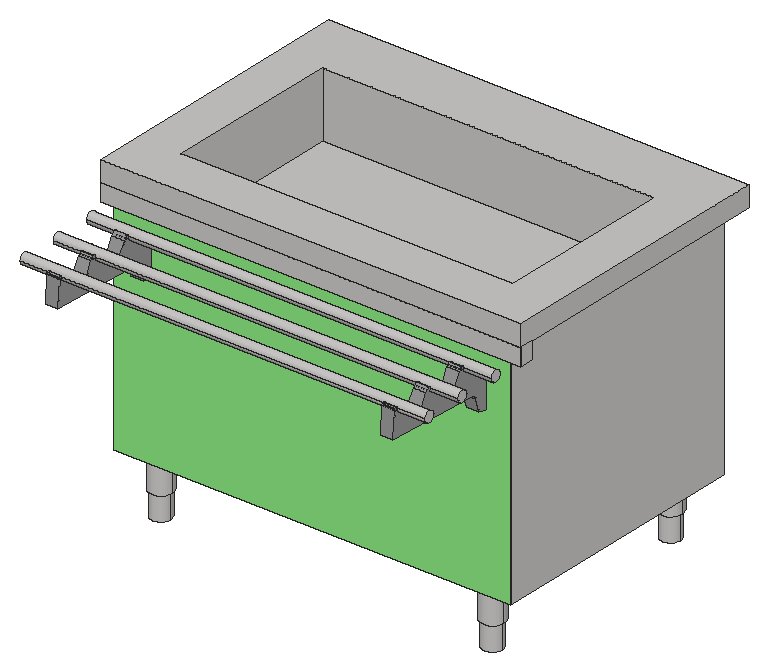
Revit family "QF_BOURGEAT_Self_Bain_marie_eau_3GN", category Equipement spécialisé, Revit 2015
Parameters (values of type "3GN_baie_libre")
  URL catalogue = "http://www.bourgeat.fr/fr/"
  URL = ""
  Type de Raccord Plomberie = ""
  Type de Raccord Electrique = ""
  Type article = ""
  Tension = 230 V
  Spécification du Fabricant = "Bain-marie Oasis"
  Roues = no
  Remarques Electricité = ""
  Puissance électrique  = 2100 W
  Profondeur hors tout = 820 mm
  Poids net à vide = 150.00 kg
  Pieds = yes
  lgmeuble = Longueur hors tout - 68 mm  # 1141 mm
  lgconsole = Longueur hors tout - 44 mm  # 1165 mm
  lg_presentoir = lgmeuble - 44 mm  # 1097 mm
  lg_porte = (lg_etagere / 2) + 10 mm  # 378.5 mm
  lg_etagere = lgmeuble - 404 mm  # 737 mm
  Reserves = no
  Presentoir = no
  Phase = 2
  Nature isolant = "Laine de verre"
  Modèle = "851033"
  Longueur hors tout = 1209 mm
  Intensité nominale = 9.13043 A
  Indice de protection = "21"
  Hauteur hors tout = 900 mm
  Hauteur de Raccordement Evacuation Directe du Sol Finis = 0 mm
  Hauteur de Raccordement Eau Adoucie du Sol Finis = 0 mm
  Fréquence = 50 Hz
  Fabricant = "BOURGEAT"
  Etageres = no
  Diamètre de Raccordement Evacuation = 33.2 mm
  Diamètre de Raccordement Eau Adoucie = 21 mm
  Cuve à eau = yes
  Cuve à air = no
  Contact SAV = "0033 (0)4.76.32.14.44"
  Charge max = 200.00 kg
  Certification = "NF alimentaire"
Types (18, lengths in mm): name | Roues | Puissance électrique  | Poids net à vide | Pieds | Reserves | Presentoir | Modèle | Intensité nominale | Hauteur hors tout | Etageres
  3GN_baie_libre | no | 2100 W | 150.00 kg | yes | no | no | "851033" | 9.13043 A | 900 | no
  3GN_reserve | no | 3000 W | 150.00 kg | yes | yes | no | "851233" | 13.0435 A | 900 | no
  3GN_baie_libre+roues | yes | 2100 W | 150.00 kg | no | no | no | "851033+854950" | 9.13043 A | 900 | no
  3GN_baie_libre+etageres | no | 2100 W | 150.00 kg | yes | no | no | "851033+854933" | 9.13043 A | 900 | no
  3GN_baie_libre+presentoir_neutre | no | 2100 W | 150.00 kg | yes | no | yes | "851033+851313" | 9.13043 A | 1330 | no
  3GN_baie_libre+presentoir_chauffant | no | 2580 W | 165.00 kg | yes | no | yes | "851033+851303" | 11.2174 A | 1330 | no
  3GN_baie_libre+roues+etageres | yes | 2100 W | 150.00 kg | no | no | no | "851033+854950+854933" | 9.13043 A | 900 | yes
  3GN_baie_libre+roues+presentoir_neutre | yes | 2100 W | 165.00 kg | no | no | yes | "851033+854950+851313" | 9.13043 A | 1330 | no
  3GN_baie_libre+roues+presentoir_chauffant | yes | 2580 W | 165.00 kg | no | no | yes | "851033+854950+851303" | 11.2174 A | 1330 | no
  3GN_baie_libre+etageres+presentoir_neutre | no | 2100 W | 165.00 kg | yes | no | yes | "851033+854933+851313" | 9.13043 A | 1330 | no
  3GN_baie_libre+etageres+presentoir_chauffant | no | 2580 W | 165.00 kg | yes | no | yes | "851033+854933+851303" | 11.2174 A | 1330 | no
  3GN_baie_libre+roues+presentoir_neutre+etageres | yes | 2100 W | 165.00 kg | no | no | yes | "851033+854950+851313+854933" | 9.13043 A | 1330 | yes
  3GN_baie_libre+roues+presentoir_chauffant+etageres | yes | 2580 W | 165.00 kg | no | no | yes | "851033+854950+851313+854933" | 11.2174 A | 1330 | yes
  3GN_reserve+roues | yes | 3000 W | 150.00 kg | no | yes | no | "851233+854950" | 13.0435 A | 900 | no
  3GN_reserve+presentoir_neutre | yes | 3000 W | 165.00 kg | no | yes | yes | "851233+851313" | 13.0435 A | 1330 | no
  3GN_reserve+presentoir_chauffant | yes | 3480 W | 165.00 kg | no | yes | yes | "851233+851303" | 15.1304 A | 1330 | no
  3GN_reserve+roues+presentoir_neutre | yes | 3000 W | 165.00 kg | no | yes | yes | "851233+854950+851313" | 13.0435 A | 1330 | no
  3GN_reserve+roues+presentoir_chauffant | yes | 3480 W | 165.00 kg | no | yes | yes | "851233+854950+851303" | 15.1304 A | 1330 | no
Reference planes
  plane 1 "Centre (avant/arrière)": y = 0
  plane 2: z = 0
  plane 3 "Centre (gauche/droite)": x = 0
  plane 4: z = 235
  plane 5: z = 465
  plane 6: y = 820
  plane 7: z = 284
  plane 8: z = 640
  plane 9: y = 598
  plane 10: z = 765
  plane 11: x = -124
  plane 12: y = 187
Forms (mm)
  Extrusion 1, solid
    sketch origin (0, 0, 0) x (1, 0, 0) y (0, 1, 0)
      loop
        circle (-1082, 598) r 10
    from 147.743 to 160
  Extrusion 2, solid
    sketch origin (0, 0, 0) x (1, 0, 0) y (0, 1, 0)
      loop
        circle (-1082, 187) r 10
    from 147.743 to 160
  Extrusion 3, solid
    sketch origin (0, 0, 0) x (1, 0, 0) y (0, 1, 0)
      loop
        circle (-1082, 398) r 10
    from 142 to 160
Dimensions and locks
  locked: nested 2 to plane 2 at 905
  locked: plane 4 to plane 2 at 235
  locked: plane 6 to nested 1 at 47
  locked: plane 7 to plane 2 at 284
  nested 1 to plane 2 = 160 mm
  locked: plane 8 to plane 2 at 640
  locked: nested 1 to plane 9 at 175
  locked: nested 11 to plane 10 at 135
  locked: nested 1 to plane 11 at 90
  locked: nested 1 to plane 12 at 179
  locked: plane 11 to plane 3 "Centre (gauche/droite)" at 124
  nested 1 to Extrusion 3 sketch curve = 375 mm
  aligned and locked: level to plane 2
  aligned and locked: plane 4 to nested 8
  aligned and locked: nested 9 to plane 5
  aligned and locked: nested 7 to nested 8
  aligned and locked: nested 9 to nested 1  (x2)
  aligned and locked: nested 7 to nested 1
  aligned and locked: nested 8 to nested 1  (x2)
  aligned and locked: nested 11 to plane 6
  aligned and locked: nested 10 to plane 6
  aligned and locked: nested 10 to nested 1  (x2)
  aligned and locked: nested 11 to nested 10
  aligned and locked: plane 1 "Centre (avant/arrière)" to nested 11  (x2)
  aligned and locked: nested 1 to nested 2
  aligned and locked: nested 2 to nested 11
  aligned and locked: nested 11 to nested 1
  aligned and locked: nested 4 to nested 11
  aligned and locked: nested 12 to nested 1
  aligned and locked: nested 12 to nested 9
  aligned and locked: nested 12 to nested 13
  aligned and locked: plane 2 to nested 4
  aligned and locked: nested 5 to plane 2
  aligned and locked: nested 6 to plane 2
  aligned and locked: nested 11 to nested 5
  aligned and locked: nested 11 to nested 6
  aligned and locked: nested 11 to nested 2
  aligned and locked: nested 1 to nested 14  (x2)
  aligned and locked: nested 14 to nested 1
  aligned and locked: nested 11 to nested 15
  aligned and locked: nested 3 to nested 11
  aligned and locked: nested 16 to nested 14  (x2)
  aligned and locked: nested 1 to nested 16
  aligned and locked: nested 15 to plane 7
  aligned and locked: nested 3 to nested 17  (x2)
  aligned and locked: nested 4 to nested 18  (x2)
  aligned and locked: nested 6 to nested 19  (x2)
  aligned and locked: nested 5 to nested 20  (x2)
  aligned and locked: plane 8 to nested 7
  aligned and locked: Extrusion 1 sketch curve to plane 9
  aligned and locked: Extrusion 1 to nested 1
  aligned and locked: nested 1 to nested 21
  aligned and locked: nested 1 to nested 22
  aligned and locked: plane 10 to nested 21
  aligned and locked: nested 13 to nested 1
  aligned and locked: nested 22 to plane 10
  aligned and locked: nested 22 to plane 11
  aligned and locked: plane 12 to Extrusion 2 sketch curve
  aligned and locked: plane 3 "Centre (gauche/droite)" to nested 11
  aligned and locked: nested 21 to nested 7
  aligned and locked: nested 11 to Extrusion 1 sketch curve
  aligned and locked: nested 11 to Extrusion 3 sketch curve
  aligned and locked: Extrusion 3 to nested 17
  aligned and locked: nested 11 to Extrusion 2 sketch curve
Nested families
  nested 1: "corps_meuble" at (-34, 8, 160), type "corps_meuble"
  nested 2: "presentoir" at (-604.5, 410, 551.997) x (0, 1, 0) z (0, 0, 1), visible <- "Presentoir", type "presentoir"
  nested 3: "pied" at (-1082, 720, 0), visible <- "Pieds", type "pied"
  nested 4: "pied" at (-1082, 58.814, 0), visible <- "Pieds", type "pied"
  nested 5: "pied" at (-127, 700, 0), visible <- "Pieds", type "pied"
  nested 6: "pied" at (-127, 58.814, 0), visible <- "Pieds", type "pied"
  nested 7: "barre_et_console" at (-604.5, 8, 465) x (-1, 0, 0) z (0, 0, 1), type "barre_et_console"
  nested 8: "etagere" at (-604.5, 88, 197) x (-1, 0, 0) z (0, 0, 1), visible <- "Etageres", type "etagere"
    with lg_etagere 737 mm
  nested 9: "etagere" at (-604.5, 88, 427) x (-1, 0, 0) z (0, 0, 1), visible <- "Etageres", type "etagere"
    with lg_etagere 737 mm
  nested 10: "cuve" at (-604.5, 410, 708), visible <- "Cuve à air", type "cuve_air"
  nested 11: "cuve" at (-604.5, 410, 708), visible <- "Cuve à eau", type "cuve_eau"
  nested 12: "porte" at (-594.5, 735, 160), visible <- "Reserves", type "porte"
  nested 13: "porte" at (-236, 757, 160), visible <- "Reserves", type "porte"
  nested 14: "bandeau" at (-604.5, 773, 657), type "bandeau"
  nested 15: "IHM" at (-2662.78, 529.137, -323.91) x (-1, 0, 0) z (0, 0, 1), type "IHM"
  nested 16: "rail_porte" at (-604.5, 763, 567), visible <- "Reserves", type "rail_porte"
  nested 17: "roue_ht160" at (-1082, 720, 0), visible <- "Roues", type "roue_ht160"
    with Sans frein yes, Avec frein yes
  nested 18: "roue_ht160" at (-1082, 58.814, 0), visible <- "Roues", type "roue_ht160"
    with Sans frein yes, Avec frein no
  nested 19: "roue_ht160" at (-127, 58.814, 0), visible <- "Roues", type "roue_ht160"
    with Sans frein yes, Avec frein no
  nested 20: "roue_ht160" at (-127, 700, 0), visible <- "Roues", type "roue_ht160"
    with Sans frein yes, Avec frein yes
  nested 21: "Prise" at (-1026, 798, 722), type "Prise"
  nested 22: "Prise" at (-167, 798, 722), type "Prise"
Connectors
  electrical at (-1082, 598, 147.743)
    settings: on Extrusion 1, index 1, voltage 0 V, apparent load 0 VA, apparent load phase1 0 VA, apparent load phase2 0 VA, apparent load phase3 0 VA, power factor 1, load classification "Autre", number of poles 1, system type 30, power factor state 1, is connector primary yes, connector utility no, sub classification motor no, connector description ""
  piping at (-1082, 187, 147.743), diameter 21
    settings: on Extrusion 2, index 2, connector inside diameter 609.6 mm, connector length 0 mm, flow factor 0, pipe flow 0.0 L/s, pressure drop 0.0 Pa, fitting loss kfactor 0, connector angle 0.00°, fixture units 0, engagement length 0 mm, angle of deflection 0.00°, flow configuration 0, flow direction 1, fitting loss method 0, system type 20, joint type 0, gender type 0, connector reference index -1, connector utility 0, adjustable connector no, is connector primary yes, connector description ""
  piping at (-1082, 398, 142), diameter 33.2
    settings: on Extrusion 3, index 3, connector inside diameter 609.6 mm, connector length 0 mm, flow factor 0, pipe flow 0.0 L/s, pressure drop 0.0 Pa, fitting loss kfactor 0, connector angle 0.00°, fixture units 0, engagement length 0 mm, angle of deflection 0.00°, flow configuration 0, flow direction 0, fitting loss method 0, system type 7, joint type 0, gender type 0, connector reference index -1, connector utility 0, adjustable connector no, is connector primary no, connector description ""
Definition of nested family "corps_meuble"
  Parameters (values of type "corps_meuble")
    lg_meuble = 1141 mm
  Reference planes
    plane 1 "Centre (avant/arrière)": y = 0
    plane 2: z = 0
    plane 3 "Centre (gauche/droite)": x = 0
    plane 4: x = -480.227
    plane 5: z = 680
    plane 6: x = -570.5
    plane 7: x = -379.227
    plane 8: x = -1141
    plane 9: x = -1091
    plane 10: x = -202
    plane 11: x = -50
    plane 12: x = -939
    plane 13: y = -1
  Forms (mm)
    Extrusion 1, solid
      sketch origin (-379.227, -50.814, 0) x (1, 0, 0) y (0, 1, 0)
        loop
          line (-761.773, 815.814) -> (-761.773, 50.814) -> (379.227, 50.814) -> (379.227, 815.814) -> (177.227, 815.814) -> (177.227, 130.814) -> (-559.773, 130.814) -> (-559.773, 815.814) -> (-761.773, 815.814)
      from 0 to 680
    Extrusion 2, void
      sketch origin (-379.227, 0, 0) x (1, 0, 0) y (0, 1, 0)
        loop
          line (-711.773, 699.99) -> (-711.773, 119.99) -> (329.227, 119.99) -> (329.227, 699.99) -> (-711.773, 699.99)
      from 541.178 to 680
    Extrusion 3, solid
      sketch origin (0, 0, 0) x (1, 0, 0) y (0, 0, 1)
        loop
          line (-1141, 680) -> (-1141, 0) -> (0, 0) -> (0, 680) -> (-1141, 680)
      from 0 to 1
  Cuts and joins
    Extrusion 2 cuts Extrusion 1
  Dimensions and locks
    locked: plane 5 to plane 2 at 680
    locked: plane 8 to plane 9 at 50
    locked: plane 10 to plane 3 "Centre (gauche/droite)" at 202
    locked: plane 11 to plane 3 "Centre (gauche/droite)" at 50
    equal spacing: plane 8, plane 6, plane 3 "Centre (gauche/droite)"
    "lg_meuble": plane 8 to plane 3 "Centre (gauche/droite)"
    locked: plane 8 to plane 12 at 202
    aligned and locked: level to plane 2
    aligned and locked: plane 5 to Extrusion 1
    aligned and locked: cut or joined group of Extrusion 1, Extrusion 2 to plane 8
    aligned and locked: Extrusion 2 to plane 9
    aligned and locked: Extrusion 1 to plane 10
    aligned and locked: plane 11 to cut or joined group of Extrusion 1, Extrusion 2
    aligned and locked: plane 12 to cut or joined group of Extrusion 1, Extrusion 2
    aligned and locked: Extrusion 3 sketch curve to cut or joined group of Extrusion 1, Extrusion 2  (x4)
    aligned and locked: Extrusion 3 to plane 13
  Automatic sketch dimensions
    Extrusion 1 sketch curve to plane 8 = 0 mm
    Extrusion 1 sketch curve to plane 10 = 0 mm
    plane 1 "Centre (avant/arrière)" to Extrusion 1 sketch curve = 0 mm
    Extrusion 1 sketch curve to plane 3 "Centre (gauche/droite)" = 0 mm
    Extrusion 1 sketch curve to plane 1 "Centre (avant/arrière)" = 80 mm
    Extrusion 1 sketch curve to plane 6 = 368.5 mm
    Extrusion 1 sketch curve to Extrusion 1 sketch curve = 685 mm
    Extrusion 1 sketch curve to Extrusion 1 sketch curve = 765 mm
    Extrusion 2 sketch curve to plane 9 = 0 mm
    Extrusion 2 sketch curve to plane 11 = 0 mm
    Extrusion 2 sketch curve to plane 1 "Centre (avant/arrière)" = 119.99 mm
    Extrusion 2 sketch curve to Extrusion 2 sketch curve = 580 mm
Definition of nested family "presentoir"
  Parameters (values of type "presentoir")
    lg_presentoir = 1097 mm
  Reference planes
    plane 1 "Centre (avant/arrière)": y = 0
    plane 2: z = 0
    plane 3 "Centre (gauche/droite)": x = 0
    plane 4: x = 0
    plane 5: y = 0
    plane 6: z = 348.003
    plane 7: z = 775.003
    plane 8: z = 353.003
    plane 9: z = 770.54
    plane 10: z = 727.003
    plane 11: y = 548.5
    plane 12: y = -548.5
    plane 13: y = 548.5
    plane 14: y = -548.5
  Forms (mm)
    Extrusion 1, solid
      sketch origin (0, 0, 0) x (1, 0, 0) y (0, 0, 1)
        loop
          line (-240.07, 650.474) -> (-234.874, 647.474) -> (-219.875, 673.453)
          arc (-219.875, 673.453) -> (-158.748, 734.58) -> (-75.248, 756.953) r 167
          line (-75.248, 756.953) -> (179.75, 756.953) -> (179.75, 762.953) -> (-75.248, 762.953)
          arc (-75.248, 762.953) -> (-161.33, 740.45) -> (-224.372, 677.664) r 170.59
          line (-224.372, 677.664) -> (-240.07, 650.474)
      from -503.5 to 503.5
    Extrusion 2, solid
      sketch origin (0, 0, 0) x (1, 0, 0) y (0, 1, 0)
        loop
          line (-25, 548.5) -> (-30.461, 503.5) -> (30.461, 503.5) -> (25, 548.5)
          arc (25, 548.5) -> (0, 523.5) -> (-25, 548.5) r 25
        loop
          arc (-25, -548.5) -> (0, -523.5) -> (25, -548.5) r 25
          line (25, -548.5) -> (30.461, -503.5) -> (-30.461, -503.5) -> (-25, -548.5)
      from 727.003 to 770.54
    Extrusion 3, solid
      sketch origin (0, -396.5, 0) x (1, 0, 0) y (0, 1, 0)
        loop
          circle (0, 945) r 21.2
        loop
          circle (0, -152) r 21.2
      from 353.003 to 775.003
    Revolve 4, solid
      sketch origin (0, 0, 0) x (0, 1, 0) y (0, 0, 1)
        loop
          line (-548.5, 353.003) -> (-569.7, 353.003) -> (-573.5, 349.203) -> (-573.5, 348.003) -> (-548.5, 348.003) -> (-548.5, 353.003)
        axis (-548.5, 353.003) -> (-548.5, 348.003)
      angle from 0 to 360
    Revolve 5, solid
      sketch origin (0, 0, 0) x (0, -1, 0) y (0, 0, 1)
        loop
          line (-548.5, 353.003) -> (-569.7, 353.003) -> (-573.5, 349.203) -> (-573.5, 348.003) -> (-548.5, 348.003) -> (-548.5, 353.003)
        axis (-548.5, 353.003) -> (-548.5, 348.003)
      angle from 0 to 360
  Dimensions and locks
    equal spacing: plane 11, plane 1 "Centre (avant/arrière)", plane 12
    "lg_presentoir": plane 11 to plane 12
    locked: Extrusion 2 sketch curve to plane 14 at 45
    locked: plane 13 to Extrusion 2 sketch curve at 45
    aligned and locked: level to plane 2
    aligned and locked: plane 3 "Centre (gauche/droite)" to plane 4
    aligned and locked: Extrusion 3 to plane 7
    aligned and locked: plane 8 to Extrusion 3
    aligned and locked: Extrusion 2 to plane 9
    aligned and locked: plane 10 to Extrusion 2
    aligned and locked: plane 1 "Centre (avant/arrière)" to plane 5
    aligned and locked: plane 11 to Extrusion 3
    aligned and locked: plane 12 to Extrusion 3
    aligned and locked: plane 13 to plane 11
    aligned and locked: plane 14 to plane 12
    aligned and locked: Extrusion 1 to Extrusion 2  (x2)
  Automatic sketch dimensions
    Extrusion 1 sketch curve to plane 3 "Centre (gauche/droite)" = 240.07 mm
    plane 10 to Extrusion 1 sketch curve = 79.529 mm
    Extrusion 1 sketch curve to Extrusion 1 sketch curve = 5.196 mm
    plane 10 to Extrusion 1 sketch curve = 49.34 mm
    Extrusion 1 sketch curve to Extrusion 1 sketch curve = 15.698 mm
    plane 10 to Extrusion 1 sketch curve = 53.55 mm
    Extrusion 1 sketch curve to plane 3 "Centre (gauche/droite)" = 76.636 mm
    Extrusion 1 sketch curve to Extrusion 1 sketch curve = 1.388 mm
    Extrusion 1 sketch curve to Extrusion 1 sketch curve = 0 mm
    plane 9 to Extrusion 1 sketch curve = 13.587 mm
    plane 3 "Centre (gauche/droite)" to Extrusion 1 sketch curve = 179.75 mm
    Extrusion 1 sketch curve to Extrusion 1 sketch curve = 2.415 mm
    Extrusion 2 sketch curve to plane 14 = 0 mm
    plane 11 to Extrusion 2 sketch curve = 0 mm
    Extrusion 2 sketch curve to plane 3 "Centre (gauche/droite)" = 0 mm  (x2)
    Extrusion 2 sketch curve to Extrusion 2 sketch curve = 25 mm  (x2)
    Extrusion 2 sketch curve to plane 3 "Centre (gauche/droite)" = 30.461 mm  (x2)
    plane 3 "Centre (gauche/droite)" to Extrusion 2 sketch curve = 30.461 mm  (x2)
    Extrusion 3 sketch curve to plane 3 "Centre (gauche/droite)" = 0 mm  (x2)
    Extrusion 3 sketch curve to plane 12 = 0 mm
    plane 11 to Extrusion 3 sketch curve = 0 mm
    Revolve 4 sketch curve to plane 6 = 0 mm
    Revolve 4 sketch curve to plane 8 = 0 mm
    Revolve 4 sketch curve to plane 12 = 0 mm  (x2)
    Revolve 4 sketch curve to Revolve 4 sketch curve = 21.2 mm
    Revolve 4 sketch curve to Revolve 4 sketch curve = 3.8 mm
    Revolve 4 sketch curve to Revolve 4 sketch curve = 1.2 mm
    Revolve 4 sketch curve to plane 6 = 14.256 mm
    plane 8 to Revolve 4 sketch curve = 30.744 mm
    Revolve 5 sketch curve to plane 6 = 0 mm
    plane 8 to Revolve 5 sketch curve = 0 mm
    Revolve 5 sketch curve to plane 11 = 0 mm  (x2)
    Revolve 5 sketch curve to plane 11 = 21.2 mm
    Revolve 5 sketch curve to Revolve 5 sketch curve = 3.8 mm
    Revolve 5 sketch curve to Revolve 5 sketch curve = 1.2 mm
    plane 6 to Revolve 5 sketch curve = 14.256 mm
    Revolve 5 sketch curve to Revolve 5 sketch curve = 30.744 mm
    radius of Extrusion 3 sketch curve = 21.2 mm  (x2)
Definition of nested family "pied"
  Reference planes
    plane 1 "Centre (avant/arrière)": y = 0
    plane 2: z = 0
    plane 3 "Centre (gauche/droite)": x = 0
  Forms (mm)
    Revolve 1, solid
      sketch origin (0, 0, 0) x (1, 0, 0) y (0, 0, 1)
        loop
          line (0, 160) -> (-33, 160) -> (-33, 70) -> (-28, 70) -> (-28, 0) -> (0, 0) -> (0, 160)
        axis (0, 160) -> (0, 0)
      angle from 0 to 360
  Dimensions and locks
    plane 3 "Centre (gauche/droite)" to Revolve 1 sketch curve = 28 mm
    Revolve 1 sketch curve to plane 3 "Centre (gauche/droite)" = 33 mm
    Revolve 1 sketch curve to plane 2 = 70 mm
    Revolve 1 sketch curve to Revolve 1 sketch curve = 90 mm
    aligned and locked: level to plane 2
Definition of nested family "barre_et_console"
  Parameters (values of type "barre_et_console")
    lg_barre_console = 1165 mm
  Reference planes
    plane 1 "Centre (avant/arrière)": y = 0
    plane 2: z = 0
    plane 3 "Centre (gauche/droite)": x = 0
    plane 4: x = -582.5
    plane 5: x = 582.5
    plane 6: x = -482.5
    plane 7: x = 482.5
    plane 8: z = 320.378
    plane 9: z = 175
  Dimensions and locks
    locked: plane 4 to plane 6 at 100
    locked: plane 7 to plane 5 at 100
    equal spacing: plane 4, plane 3 "Centre (gauche/droite)", plane 5
    "lg_barre_console": plane 4 to plane 5
    aligned and locked: level to plane 2
    aligned and locked: nested 1 to plane 1 "Centre (avant/arrière)"
    aligned and locked: plane 6 to nested 1
    aligned and locked: plane 7 to nested 2
    aligned and locked: plane 5 to nested 3
    aligned and locked: nested 3 to plane 4
    aligned and locked: plane 8 to nested 3
    aligned and locked: plane 9 to nested 1
  Nested families
    nested 1: "console" at (-482.5, 0, 0) x (0, 1, 0) z (0, 0, 1), type "console"
    nested 2: "console" at (482.5, 0, 0) x (0, 1, 0) z (0, 0, 1), type "console"
    nested 3: "barre" at (582.5, 0, 19.415) x (0, 1, 0) z (0, 0, 1), type "barre"
  Definition of nested family "console"
    Reference planes
      plane 1 "Centre (avant/arrière)": y = 0
      plane 2: z = 0
      plane 3 "Centre (gauche/droite)": x = 0
      plane 4: y = 18
      plane 5: y = -18
      plane 6: y = 0
    Forms (mm)
      Extrusion 1, solid
        sketch origin (-12.245, 0, 175) x (1, 0, 0) y (0, 0, 1)
          loop
            line (12.245, 100) -> (12.245, 0) -> (39.579, 4.82) -> (50.894, 44.279)
            arc (50.894, 44.279) -> (55.986, 52.254) -> (64.592, 56.187) r 16.714
            line (64.592, 56.187) -> (348.499, 69.146) -> (343.309, 143.358)
            arc (343.309, 143.358) -> (342.973, 144.595) -> (342.189, 145.609) r 3.292
            line (342.189, 145.609) -> (337.923, 148.439)
            arc (337.923, 148.439) -> (337.371, 148.545) -> (336.906, 148.229) r 0.731
            arc (336.906, 148.229) -> (320.176, 130.386) -> (309.012, 152.149) r 14.958
            arc (309.012, 152.149) -> (308.597, 152.587) -> (308.001, 152.491) r 0.646
            line (308.001, 152.491) -> (297.265, 144.401) -> (278.874, 108.385)
            arc (278.874, 108.385) -> (262.102, 99.164) -> (245.329, 108.385) r 19.864
            line (245.329, 108.385) -> (229.634, 139.188) -> (217.945, 148.321)
            arc (217.945, 148.321) -> (217.306, 148.53) -> (216.976, 147.944) r 0.53
            arc (216.976, 147.944) -> (200.124, 130.629) -> (188.973, 152.064) r 14.905
            arc (188.973, 152.064) -> (188.691, 152.524) -> (188.154, 152.476) r 0.511
            line (188.154, 152.476) -> (177.098, 144.144) -> (158.855, 108.341)
            arc (158.855, 108.341) -> (142.039, 98.901) -> (125.223, 108.341) r 19.698
            line (125.223, 108.341) -> (109.334, 139.526) -> (97.932, 148.434)
            arc (97.932, 148.434) -> (97.187, 148.438) -> (96.994, 147.718) r 0.61
            arc (96.994, 147.718) -> (79.923, 130.663) -> (69.024, 152.192) r 14.902
            arc (69.024, 152.192) -> (68.66, 152.548) -> (68.158, 152.464) r 0.563
            line (68.158, 152.464) -> (57.103, 144.336) -> (39.164, 108.745)
            arc (39.164, 108.745) -> (33.443, 102.448) -> (25.295, 100) r 15.908
            line (25.295, 100) -> (12.245, 100)
        from -18 to 18
    Dimensions and locks
      plane 4 to plane 5 = 36 mm
      equal spacing: plane 4, plane 6, plane 5, locked at 18 each
      aligned and locked: level to plane 2
      aligned and locked: plane 4 to Extrusion 1
      aligned and locked: Extrusion 1 to plane 5
      aligned and locked: plane 6 to plane 1 "Centre (avant/arrière)"
      aligned and locked: Extrusion 1 to plane 3 "Centre (gauche/droite)"
    Automatic sketch dimensions
      Extrusion 1 sketch curve to Extrusion 1 sketch curve = 12.714 mm
      Extrusion 1 sketch curve to Extrusion 1 sketch curve = 13.05 mm
      Extrusion 1 sketch curve to Extrusion 1 sketch curve = 14.206 mm
      Extrusion 1 sketch curve to Extrusion 1 sketch curve = 27.334 mm
      Extrusion 1 sketch curve to Extrusion 1 sketch curve = 11.315 mm
      Extrusion 1 sketch curve to Extrusion 1 sketch curve = 17.938 mm
      Extrusion 1 sketch curve to Extrusion 1 sketch curve = 13.698 mm
      Extrusion 1 sketch curve to Extrusion 1 sketch curve = 16.057 mm
      Extrusion 1 sketch curve to Extrusion 1 sketch curve = 11.055 mm
      Extrusion 1 sketch curve to Extrusion 1 sketch curve = 0.333 mm
      Extrusion 1 sketch curve to Extrusion 1 sketch curve = 13.785 mm
      Extrusion 1 sketch curve to Extrusion 1 sketch curve = 15.28 mm
      Extrusion 1 sketch curve to Extrusion 1 sketch curve = 0.376 mm
      Extrusion 1 sketch curve to Extrusion 1 sketch curve = 11.401 mm
      Extrusion 1 sketch curve to Extrusion 1 sketch curve = 15.89 mm
      Extrusion 1 sketch curve to Extrusion 1 sketch curve = 16.816 mm  (x2)
      Extrusion 1 sketch curve to Extrusion 1 sketch curve = 18.243 mm
      Extrusion 1 sketch curve to Extrusion 1 sketch curve = 11.057 mm
      Extrusion 1 sketch curve to Extrusion 1 sketch curve = 0.308 mm
      Extrusion 1 sketch curve to Extrusion 1 sketch curve = 13.831 mm
      Extrusion 1 sketch curve to Extrusion 1 sketch curve = 15.204 mm
      Extrusion 1 sketch curve to Extrusion 1 sketch curve = 0.447 mm
      Extrusion 1 sketch curve to Extrusion 1 sketch curve = 11.69 mm
      Extrusion 1 sketch curve to Extrusion 1 sketch curve = 15.695 mm
      Extrusion 1 sketch curve to Extrusion 1 sketch curve = 16.772 mm  (x2)
      Extrusion 1 sketch curve to Extrusion 1 sketch curve = 18.391 mm
      Extrusion 1 sketch curve to Extrusion 1 sketch curve = 10.737 mm
      Extrusion 1 sketch curve to Extrusion 1 sketch curve = 0.389 mm
      Extrusion 1 sketch curve to Extrusion 1 sketch curve = 13.868 mm
      Extrusion 1 sketch curve to Extrusion 1 sketch curve = 15.261 mm
      Extrusion 1 sketch curve to Extrusion 1 sketch curve = 0.404 mm
      Extrusion 1 sketch curve to Extrusion 1 sketch curve = 2.506 mm
      Extrusion 1 sketch curve to Extrusion 1 sketch curve = 2.164 mm
      Extrusion 1 sketch curve to Extrusion 1 sketch curve = 1.12 mm
      Extrusion 1 sketch curve to Extrusion 1 sketch curve = 5.189 mm
      Extrusion 1 sketch curve to Extrusion 1 sketch curve = 4.639 mm
      Extrusion 1 sketch curve to Extrusion 1 sketch curve = 55.721 mm
      Extrusion 1 sketch curve to Extrusion 1 sketch curve = 8.745 mm
      Extrusion 1 sketch curve to Extrusion 1 sketch curve = 10.259 mm
      Extrusion 1 sketch curve to Extrusion 1 sketch curve = 10.642 mm
      Extrusion 1 sketch curve to Extrusion 1 sketch curve = 9.133 mm
      Extrusion 1 sketch curve to Extrusion 1 sketch curve = 31.185 mm
      Extrusion 1 sketch curve to Extrusion 1 sketch curve = 35.803 mm
      Extrusion 1 sketch curve to Extrusion 1 sketch curve = 35.592 mm
      Extrusion 1 sketch curve to Extrusion 1 sketch curve = 3.24 mm
      Extrusion 1 sketch curve to Extrusion 1 sketch curve = 2.946 mm
      Extrusion 1 sketch curve to Extrusion 1 sketch curve = 1.042 mm
      Extrusion 1 sketch curve to Extrusion 1 sketch curve = 0.609 mm
      Extrusion 1 sketch curve to Extrusion 1 sketch curve = 8.427 mm
      Extrusion 1 sketch curve to Extrusion 1 sketch curve = 0.286 mm
      Extrusion 1 sketch curve to Extrusion 1 sketch curve = 0.481 mm
      Extrusion 1 sketch curve to Extrusion 1 sketch curve = 0.516 mm
      Extrusion 1 sketch curve to Extrusion 1 sketch curve = 7.674 mm
      Extrusion 1 sketch curve to Extrusion 1 sketch curve = 7.924 mm
      Extrusion 1 sketch curve to Extrusion 1 sketch curve = 0.453 mm
      Extrusion 1 sketch curve to Extrusion 1 sketch curve = 0.408 mm
      Extrusion 1 sketch curve to Extrusion 1 sketch curve = 0.533 mm
      Extrusion 1 sketch curve to Extrusion 1 sketch curve = 0.511 mm
      Extrusion 1 sketch curve to Extrusion 1 sketch curve = 0.622 mm
      Extrusion 1 sketch curve to Extrusion 1 sketch curve = 4.82 mm
      Extrusion 1 sketch curve to Extrusion 1 sketch curve = 34.82 mm
      Extrusion 1 sketch curve to Extrusion 1 sketch curve = 76.232 mm
      Extrusion 1 sketch curve to Extrusion 1 sketch curve = 37.038 mm
      Extrusion 1 sketch curve to Extrusion 1 sketch curve = 39.239 mm
      Extrusion 1 sketch curve to Extrusion 1 sketch curve = 30.803 mm
      Extrusion 1 sketch curve to Extrusion 1 sketch curve = 34.743 mm
      Extrusion 1 sketch curve to Extrusion 1 sketch curve = 0.23 mm
      Extrusion 1 sketch curve to Extrusion 1 sketch curve = 36.015 mm
      Extrusion 1 sketch curve to Extrusion 1 sketch curve = 2.071 mm
      Extrusion 1 sketch curve to Extrusion 1 sketch curve = 7.575 mm
      Extrusion 1 sketch curve to plane 3 "Centre (gauche/droite)" = 0 mm
      level to Extrusion 1 sketch curve = 175 mm
  Definition of nested family "barre"
    Parameters (values of type "barre")
      lg_barre = 1165 mm
    Reference planes
      plane 1 "Centre (avant/arrière)": y = 0
      plane 2: z = 0
      plane 3 "Centre (gauche/droite)": x = 0
      plane 4: x = 70
      plane 5: x = 190
      plane 6: x = 309
      plane 7: z = 300.963
      plane 8: z = 94.658
      plane 9: y = 0
      plane 10: y = 1165
    Forms (mm)
      Extrusion 1, solid
        sketch origin (0, 0, 0) x (1, 0, 0) y (0, 0, 1)
          loop
            circle (70, 300.963) r 15
          loop
            circle (190, 300.963) r 15
          loop
            circle (309, 300.963) r 15
        from 0 to -1165
    Dimensions and locks
      plane 4 to plane 3 "Centre (gauche/droite)" = 70 mm
      plane 6 to plane 5 to plane 4 = 119 mm, 120 mm
      "lg_barre": plane 10 to plane 1 "Centre (avant/arrière)"
      aligned and locked: level to plane 2
      aligned and locked: Extrusion 1 to plane 9
      aligned and locked: plane 9 to plane 1 "Centre (avant/arrière)"
      aligned and locked: plane 10 to Extrusion 1
    Automatic sketch dimensions
      Extrusion 1 sketch curve to plane 4 = 0 mm
      Extrusion 1 sketch curve to plane 5 = 0 mm
      Extrusion 1 sketch curve to plane 6 = 0 mm
      Extrusion 1 sketch curve to plane 7 = 0 mm  (x3)
      radius of Extrusion 1 sketch curve = 15 mm  (x3)
Definition of nested family "etagere"
  Parameters (values of type "etagere")
    lg_etagere = 1712 mm
  Reference planes
    plane 1 "Centre (avant/arrière)": y = 0
    plane 2: z = 0
    plane 3 "Centre (gauche/droite)": x = 0
    plane 4: y = -625
    plane 5: y = -623
    plane 6: y = -2
    plane 7: x = 0
  Forms (mm)
    Extrusion 1, solid
      sketch origin (0, 0, 0) x (0, 1, 0) y (0, 0, 1)
        loop
          line (0, 119.481) -> (-2, 119.481) -> (-2, 40) -> (-625, 40) -> (-625, 0) -> (-623, 0) -> (-623, 38) -> (0, 38) -> (0, 119.481)
      from -856 to 856
  Dimensions and locks
    locked: plane 6 to plane 1 "Centre (avant/arrière)" at 2
    locked: plane 4 to plane 5 at 2
    plane 4 to plane 1 "Centre (avant/arrière)" = 625 mm
    equal spacing: Extrusion 1, plane 7, Extrusion 1
    "lg_etagere": Extrusion 1 to Extrusion 1
    aligned and locked: level to plane 2
    aligned and locked: plane 2 to Extrusion 1 sketch curve
    aligned and locked: plane 1 "Centre (avant/arrière)" to Extrusion 1 sketch curve
    aligned and locked: plane 4 to Extrusion 1
    aligned and locked: plane 5 to Extrusion 1
    aligned and locked: Extrusion 1 to plane 6
    aligned and locked: plane 3 "Centre (gauche/droite)" to plane 7
  Automatic sketch dimensions
    Extrusion 1 sketch curve to plane 4 = 0 mm
    Extrusion 1 sketch curve to plane 5 = 0 mm
    Extrusion 1 sketch curve to plane 6 = 0 mm
    level to Extrusion 1 sketch curve = 38 mm
    Extrusion 1 sketch curve to Extrusion 1 sketch curve = 2 mm
    Extrusion 1 sketch curve to Extrusion 1 sketch curve = 79.481 mm
Definition of nested family "cuve"
  Parameters (values of type "cuve_eau")
    type_cuve = 178 mm
    lg_cuve = 1209 mm
    lg_bloc_ventillation = lg_cuve - 254 mm  # 955 mm
    bloc_ventillation = no
  Types (2, lengths in mm): name | type_cuve | bloc_ventillation
    cuve_air | 132 | yes
    cuve_eau | 178 | no
  Reference planes
    plane 1 "Centre (avant/arrière)": y = 0
    plane 2: z = 0
    plane 3 "Centre (gauche/droite)": x = 0
    plane 4: y = 410
    plane 5: y = -410
    plane 6: x = -604.5
    plane 7: x = 604.5
    plane 8: z = 192
    plane 9: y = 232
    plane 10: y = -278
    plane 11: x = 477.5
    plane 12: x = -477.5
    plane 13: z = 2
    plane 14: y = -280
    plane 15: x = -479.5
    plane 16: y = 234
    plane 17: x = 479.5
    plane 18: z = 132
    plane 19: y = -408
    plane 20: z = 82
  Forms (mm)
    Extrusion 1, solid
      sketch origin (12, -10, 0) x (1, 0, 0) y (0, 1, 0)
        loop
          line (-616.5, 420) -> (-616.5, -400) -> (592.5, -400) -> (592.5, 420) -> (-616.5, 420)
      from 0 to 192
    Extrusion 2, void
      sketch origin (0, 0, 0) x (1, 0, 0) y (0, 1, 0)
        loop
          line (-477.5, 232) -> (-477.5, -278) -> (477.5, -278) -> (477.5, 232) -> (-477.5, 232)
      from 2 to 250
    Extrusion 3, void
      sketch origin (0, 0, 0) x (1, 0, 0) y (0, 1, 0)
        loop
          line (-479.5, 234) -> (-479.5, -280) -> (479.5, -280) -> (479.5, 234) -> (-479.5, 234)
        loop
          line (-674.5, 480) -> (-674.5, -480) -> (674.5, -480) -> (674.5, 480) -> (-674.5, 480)
      from 0 to 132
    Extrusion 4, solid
      sketch origin (0, 0, 0) x (1, 0, 0) y (0, 1, 0)
        loop
          line (-604.5, -408) -> (-604.5, -410) -> (604.5, -410) -> (604.5, -408) -> (-604.5, -408)
      from 82 to 132
    Extrusion 5, solid
      sketch origin (0, 0, 0) x (0, 1, 0) y (0, 0, 1)
        loop
          line (-408, 82) -> (-370, 82) -> (-370, 132) -> (-408, 132) -> (-408, 82)
      from -604.5 to 604.5
  Cuts and joins
    Extrusion 2, Extrusion 3 cuts Extrusion 1
  Dimensions and locks
    equal spacing: plane 4, plane 1 "Centre (avant/arrière)", plane 5, locked at 410 each
    plane 4 to plane 5 = 820 mm
    equal spacing: plane 6, plane 3 "Centre (gauche/droite)", plane 7
    "lg_cuve": plane 6 to plane 7
    locked: plane 8 to plane 2 at 192
    locked: plane 13 to plane 2 at 2
    locked: plane 5 to plane 10 at 132
    "type_cuve": plane 4 to plane 9
    locked: plane 11 to plane 7 at 127
    locked: plane 6 to plane 12 at 127
    locked: plane 16 to plane 9 at 2
    locked: plane 15 to plane 12 at 2
    locked: plane 14 to plane 10 at 2
    locked: plane 11 to plane 17 at 2
    locked: Extrusion 3 sketch curve to plane 6 at 70
    locked: Extrusion 3 sketch curve to plane 5 at 70
    locked: plane 7 to Extrusion 3 sketch curve at 70
    locked: Extrusion 3 sketch curve to plane 4 at 70
    locked: plane 8 to plane 18 at 60
    locked: plane 5 to plane 19 at 2
    aligned and locked: plane 2 to level
    aligned and locked: plane 6 to Extrusion 1 sketch curve
    aligned and locked: Extrusion 1 sketch curve to plane 7
    aligned and locked: plane 8 to Extrusion 1
    aligned and locked: plane 4 to Extrusion 1
    aligned and locked: plane 5 to Extrusion 1
    aligned and locked: Extrusion 2 sketch curve to plane 9
    aligned and locked: Extrusion 2 sketch curve to plane 12
    aligned and locked: Extrusion 2 sketch curve to plane 10
    aligned and locked: Extrusion 2 sketch curve to plane 11
    aligned and locked: cut or joined group of Extrusion 1, Extrusion 2, Extrusion 3 to plane 13
    aligned and locked: Extrusion 3 sketch curve to plane 16
    aligned and locked: Extrusion 3 sketch curve to plane 15
    aligned and locked: Extrusion 3 sketch curve to plane 14
    aligned and locked: Extrusion 3 sketch curve to plane 17
    aligned and locked: cut or joined group of Extrusion 1, Extrusion 2, Extrusion 3 to plane 18
    aligned and locked: Extrusion 4 sketch curve to plane 19
    aligned and locked: plane 6 to Extrusion 4 sketch curve
    aligned and locked: Extrusion 4 sketch curve to cut or joined group of Extrusion 1, Extrusion 2, Extrusion 3  (x2)
    aligned and locked: Extrusion 4 to cut or joined group of Extrusion 1, Extrusion 2, Extrusion 3
    aligned and locked: Extrusion 4 to plane 20
    aligned and locked: plane 18 to Extrusion 5 sketch curve
    aligned and locked: Extrusion 5 sketch curve to plane 20
    aligned and locked: Extrusion 4 to Extrusion 5 sketch curve
    aligned and locked: cut or joined group of Extrusion 1, Extrusion 2, Extrusion 3 to Extrusion 5
    aligned and locked: Extrusion 5 to cut or joined group of Extrusion 1, Extrusion 2, Extrusion 3
    aligned and locked: plane 3 "Centre (gauche/droite)" to nested 1
    aligned and locked: nested 1 to cut or joined group of Extrusion 1, Extrusion 2, Extrusion 3
  Automatic sketch dimensions
    Extrusion 1 sketch curve to plane 5 = 0 mm
    plane 4 to Extrusion 1 sketch curve = 0 mm
    Extrusion 5 sketch curve to plane 5 = 2 mm
    Extrusion 5 sketch curve to Extrusion 5 sketch curve = 38 mm
  Nested families
    nested 1: "bloc_ventillation_cuve_air" at (0, -232, 0), visible <- "bloc_ventillation", type "bloc_ventillation_cuve_air"
  Definition of nested family "bloc_ventillation_cuve_air"
    Parameters (values of type "bloc_ventillation_cuve_air")
      lg_bloc_ventillation = 955 mm
    Reference planes
      plane 1 "Centre (avant/arrière)": y = 0
      plane 2: z = 0
      plane 3 "Centre (gauche/droite)": x = 0
      plane 4: y = -46
      plane 5: z = 190
    Forms (mm)
      Extrusion 1, solid
        sketch origin (0, 0, 0) x (1, 0, 0) y (0, 1, 0)
          loop
            line (-477.5, 0) -> (-477.5, -46) -> (477.5, -46) -> (477.5, 0) -> (-477.5, 0)
        from 0 to 190
    Dimensions and locks
      locked: plane 4 to plane 1 "Centre (avant/arrière)" at 46
      plane 5 to plane 2 = 190 mm
      "lg_bloc_ventillation": Extrusion 1 sketch curve to Extrusion 1 sketch curve
      equal spacing: Extrusion 1 sketch curve, plane 3 "Centre (gauche/droite)", Extrusion 1 sketch curve
      aligned and locked: level to plane 2
      aligned and locked: plane 5 to Extrusion 1
    Automatic sketch dimensions
      Extrusion 1 sketch curve to plane 4 = 0 mm
      plane 1 "Centre (avant/arrière)" to Extrusion 1 sketch curve = 0 mm
Definition of nested family "porte"
  Parameters (values of type "porte")
    lg_porte = 378.5 mm
  Reference planes
    plane 1 "Centre (avant/arrière)": y = 0
    plane 2: z = 0
    plane 3 "Centre (gauche/droite)": x = 0
    plane 4: x = -378.5
    plane 5: y = -22
    plane 6: z = 407
  Forms (mm)
    Extrusion 1, solid
      sketch origin (0, 0, 0) x (1, 0, 0) y (0, 0, 1)
        loop
          line (0, 0) -> (0, 407) -> (-378.5, 407) -> (-378.5, 0) -> (0, 0)
      from 0 to 22
  Dimensions and locks
    "lg_porte": plane 3 "Centre (gauche/droite)" to plane 4
    plane 5 to plane 1 "Centre (avant/arrière)" = 22 mm
    locked: plane 6 to plane 2 at 407
    aligned and locked: level to plane 2
    aligned and locked: Extrusion 1 sketch curve to plane 3 "Centre (gauche/droite)"
    aligned and locked: level to Extrusion 1 sketch curve
    aligned and locked: Extrusion 1 to plane 4
    aligned and locked: Extrusion 1 to plane 5
    aligned and locked: plane 6 to Extrusion 1
  Automatic sketch dimensions
    Extrusion 1 sketch curve to plane 4 = 0 mm
    level to Extrusion 1 sketch curve = 407 mm
Definition of nested family "bandeau"
  Parameters (values of type "bandeau")
    lg_bandeau = 737 mm
  Reference planes
    plane 1 "Centre (avant/arrière)": y = 0
    plane 2: z = 0
    plane 3 "Centre (gauche/droite)": x = 0
    plane 4: x = -368.5
    plane 5: x = 368.5
    plane 6: y = -10
    plane 7: z = 183
  Forms (mm)
    Extrusion 1, solid
      sketch origin (0, 0, 0) x (1, 0, 0) y (0, 1, 0)
        loop
          line (-368.5, 0) -> (-368.5, -10) -> (368.5, -10) -> (368.5, 0) -> (-368.5, 0)
      from 0 to 183
  Dimensions and locks
    equal spacing: plane 4, plane 3 "Centre (gauche/droite)", plane 5
    "lg_bandeau": plane 4 to plane 5
    plane 6 to plane 1 "Centre (avant/arrière)" = 10 mm
    locked: plane 7 to plane 2 at 183
    aligned and locked: level to plane 2
    aligned and locked: Extrusion 1 to plane 4
    aligned and locked: plane 5 to Extrusion 1
    aligned and locked: Extrusion 1 to plane 6
    aligned and locked: plane 7 to Extrusion 1
  Automatic sketch dimensions
    plane 1 "Centre (avant/arrière)" to Extrusion 1 sketch curve = 0 mm
    plane 4 to Extrusion 1 sketch curve = 0 mm
    Extrusion 1 sketch curve to plane 5 = 0 mm
    plane 1 "Centre (avant/arrière)" to Extrusion 1 sketch curve = 10 mm
Definition of nested family "IHM"
  Reference planes
    plane 1 "Centre (avant/arrière)": y = 0
    plane 2: z = 0
    plane 3 "Centre (gauche/droite)": x = 0
    plane 4: x = -1638.78
    plane 5: x = -1522.78
    plane 6: z = 959.91
    plane 7: z = 607.91
    plane 8: x = -1580.78
    plane 9: x = -1580.78
    plane 10: z = 778.91
    plane 11: z = 808.91
    plane 12: z = 835.91
    plane 13: z = 867.91
    plane 14: z = 894.91
    plane 15: z = 925.91
    plane 16: x = -1591.78
    plane 17: x = -1569.78
    plane 18: x = -1543.78
    plane 19: x = -1617.78
    plane 20: x = -1568.28
    plane 21: x = -1593.28
  Forms (mm)
    Extrusion 1, solid
      sketch origin (0, 0, 0) x (1, 0, 0) y (0, 0, 1)
        loop
          arc (-1628.78, 959.91) -> (-1635.851, 956.981) -> (-1638.78, 949.91) r 10
          line (-1638.78, 949.91) -> (-1638.78, 617.91)
          arc (-1638.78, 617.91) -> (-1635.851, 610.839) -> (-1628.78, 607.91) r 10
          line (-1628.78, 607.91) -> (-1532.78, 607.91)
          arc (-1532.78, 607.91) -> (-1525.709, 610.839) -> (-1522.78, 617.91) r 10
          line (-1522.78, 617.91) -> (-1522.78, 949.91)
          arc (-1522.78, 949.91) -> (-1525.709, 956.981) -> (-1532.78, 959.91) r 10
          line (-1532.78, 959.91) -> (-1628.78, 959.91)
      from 243.863 to 250
    Extrusion 2, solid
      sketch origin (0, 0, 0) x (1, 0, 0) y (0, 0, 1)
        loop
          line (-1593.28, 925.91) -> (-1593.28, 894.91) -> (-1568.28, 894.91) -> (-1568.28, 925.91) -> (-1593.28, 925.91)
        loop
          line (-1543.78, 835.91) -> (-1543.78, 867.91) -> (-1617.78, 867.91) -> (-1617.78, 835.91) -> (-1543.78, 835.91)
        loop
          line (-1591.78, 808.91) -> (-1591.78, 778.91) -> (-1569.78, 778.91) -> (-1569.78, 808.91) -> (-1591.78, 808.91)
      from 253.697 to 250
  Dimensions and locks
    plane 6 to plane 7 = 352 mm
    plane 5 to plane 4 = 116 mm
    aligned and locked: level to plane 2
    aligned and locked: plane 4 to Extrusion 1 sketch curve
    aligned and locked: plane 7 to Extrusion 1 sketch curve
    aligned and locked: Extrusion 1 sketch curve to plane 5
    aligned and locked: Extrusion 1 sketch curve to plane 6
Definition of nested family "rail_porte"
  Parameters (values of type "rail_porte")
    lg_rail = 737 mm
  Reference planes
    plane 1 "Centre (avant/arrière)": y = 0
    plane 2: z = 0
    plane 3 "Centre (gauche/droite)": x = 0
    plane 4: x = 368.5
    plane 5: x = -368.5
    plane 6: z = 90
  Forms (mm)
    Extrusion 1, solid
      sketch origin (0, -97.027, 0) x (1, 0, 0) y (0, 1, 0)
        loop
          line (-368.5, 107.027) -> (-368.5, 97.027) -> (368.5, 97.027) -> (368.5, 107.027) -> (-368.5, 107.027)
      from 0 to 90
  Dimensions and locks
    equal spacing: plane 5, plane 3 "Centre (gauche/droite)", plane 4
    "lg_rail": plane 5 to plane 4
    plane 6 to plane 2 = 90 mm
    plane 1 "Centre (avant/arrière)" to Extrusion 1 = 10 mm
    aligned and locked: level to plane 2
    aligned and locked: Extrusion 1 to plane 5
    aligned and locked: plane 4 to Extrusion 1
    aligned and locked: plane 6 to Extrusion 1
    aligned and locked: plane 1 "Centre (avant/arrière)" to Extrusion 1
  Automatic sketch dimensions
    plane 1 "Centre (avant/arrière)" to Extrusion 1 sketch curve = 0 mm
    Extrusion 1 sketch curve to plane 5 = 0 mm
    Extrusion 1 sketch curve to plane 4 = 0 mm
    Extrusion 1 sketch curve to plane 1 "Centre (avant/arrière)" = 10 mm
Definition of nested family "roue_ht160"
  Parameters (values of type "roue_ht160")
    Sans frein [instance] = yes
    Avec frein [instance] = yes
  Reference planes
    plane 1 "Centre (avant/arrière)": y = 0
    plane 2: z = 0
    plane 3 "Centre (gauche/droite)": x = 0
    plane 4: y = 40.851
    plane 5: z = 62.5
  Forms (mm)
    Extrusion 1, solid
      sketch origin (0, 0, 0) x (0, 1, 0) y (0, 0, 1)
        loop
          circle (40.851, 62.5) r 62.5
        loop
          circle (40.851, 62.5) r 57.5
      from -12.5 to 12.5
    Revolve 2, solid
      sketch origin (0, 0, 0) x (0, 1, 0) y (0, 0, 1)
        loop
          line (0, 160.21) -> (-20.149, 160.21) -> (-20.149, 159.41) -> (-21.6, 159.41)
          arc (-21.6, 159.41) -> (-24.448, 158.65) -> (-26.537, 156.572) r 5.712
          line (-26.537, 156.572) -> (-30.146, 147.743) -> (-26.999, 147.062) -> (-26.999, 146.112)
          arc (-26.999, 146.112) -> (-27.23, 145.314) -> (-27.849, 144.761) r 1.5
          arc (-27.849, 144.761) -> (-29.223, 143.633) -> (-29.923, 142) r 3.75
          line (-29.923, 142) -> (0, 142) -> (0, 160.21)
        axis (0, 160.21) -> (0, 142)
      angle from 0 to 360
    Extrusion 3, solid
      sketch origin (0, 0, 0) x (0, 1, 0) y (0, 0, -1)
        loop
          line (-29.974, -138.241) -> (-29.974, -142) -> (21.747, -142) -> (21.747, -60.336)
          arc (21.747, -60.336) -> (10.272, -70.702) -> (-0.149, -82.127) r 160.057
          arc (-0.149, -82.127) -> (-17.883, -108.684) -> (-29.974, -138.241) r 159.585
      from -24.913 to -23.038
    Extrusion 4, solid
      sketch origin (0, 0, 0) x (0, 1, 0) y (0, 0, 1)
        loop
          line (-29.974, 142) -> (-29.974, 140.869) -> (21.747, 140.869) -> (21.747, 142) -> (-29.974, 142)
      from -23.038 to 23.038
    Extrusion 5, solid
      sketch origin (0, 0, 0) x (0, 1, 0) y (0, 0, 1)
        loop
          circle (40.851, 62.5) r 57.5
        loop
          circle (40.851, 62.5) r 55
      from -12.5 to 12.5
    Extrusion 6, solid
      sketch origin (0, 0, 0) x (0, 1, 0) y (0, 0, 1)
        loop
          circle (40.851, 62.5) r 55
      from -7 to 7
    Extrusion 7, solid
      sketch origin (0, 0, 0) x (0, 1, 0) y (0, 0, 1)
        loop
          circle (40.851, 62.5) r 21
      from 7 to 15
    Extrusion 8, solid
      sketch origin (0, 0, 0) x (0, 1, 0) y (0, 0, -1)
        loop
          circle (40.851, -62.5) r 16
      from -23.038 to -15
    Extrusion 9, solid, visible <- "Sans frein"
      sketch origin (0, 0, 0) x (0, 1, 0) y (0, 0, 1)
        loop
          arc (21.747, 60.336) -> (23.188, 59.17) -> (24.642, 58.02) r 161.23
          arc (24.642, 58.02) -> (29.34, 54.513) -> (34.187, 51.216) r 133.333
          arc (34.187, 51.216) -> (46.517, 50.3) -> (53.927, 60.198) r 12.867
          arc (53.927, 60.198) -> (54.714, 99.183) -> (46.119, 137.216) r 161.222
          arc (46.119, 137.216) -> (45.679, 138.887) -> (45.531, 140.609) r 10.076
          line (45.531, 140.609) -> (45.531, 142) -> (21.747, 142) -> (21.747, 60.336)
      from 23.038 to 24.913
    Extrusion 10, solid, visible <- "Sans frein"
      sketch origin (0, 0, 0) x (0, 1, 0) y (0, 0, 1)
        loop
          line (21.747, 142) -> (21.747, 140.701) -> (48.851, 140.701) -> (48.851, 142) -> (21.747, 142)
      from -23.038 to 23.038
    Extrusion 11, solid, visible <- "Avec frein"
      sketch origin (0, 0, 0) x (0, 1, 0) y (0, 0, 1)
        loop
          line (21.747, 142) -> (21.747, 60.336)
          arc (21.747, 60.336) -> (23.177, 59.179) -> (24.62, 58.038) r 160.008
          arc (24.62, 58.038) -> (29.041, 54.705) -> (33.574, 51.527) r 160
          arc (33.574, 51.527) -> (46.135, 50.422) -> (53.724, 60.491) r 13
          arc (53.724, 60.491) -> (55.279, 82.092) -> (53.902, 103.704) r 160
          arc (53.902, 103.704) -> (55.53, 108.653) -> (60.415, 110.463) r 6
          arc (60.415, 110.463) -> (80.625, 109.924) -> (100.725, 112.107) r 150
          arc (100.725, 112.107) -> (104.408, 113.406) -> (107.479, 115.819) r 12
          line (107.479, 115.819) -> (110.851, 121.523)
          arc (110.851, 121.523) -> (85.913, 134.651) -> (58.706, 142) r 127.902
          line (58.706, 142) -> (21.747, 142)
      from 23.038 to 24.913
    Extrusion 12, solid, visible <- "Avec frein"
      sketch origin (0, 0, 0) x (0, 1, 0) y (0, 0, 1)
        loop
          line (58.706, 142) -> (21.747, 142) -> (21.747, 140) -> (58.552, 140)
          arc (58.552, 140) -> (85.253, 132.762) -> (109.73, 119.866) r 125.902
          line (109.73, 119.866) -> (110.851, 121.523)
          arc (110.851, 121.523) -> (85.913, 134.651) -> (58.706, 142) r 127.902
      from -23.038 to 23.038
    Extrusion 13, solid, visible <- "Avec frein"
      sketch origin (0, 19.896, 18.175) x (0, 1, 0) y (0, 0, 1)
        loop
          line (87.583, 97.644) -> (91.829, 95.227)
          arc (91.829, 95.227) -> (93.8, 95.006) -> (95.312, 96.29) r 2.5
          arc (95.312, 96.29) -> (103.495, 100.002) -> (111.176, 104.666) r 74.999
          line (111.176, 104.666) -> (110.852, 105.929)
          arc (110.852, 105.929) -> (110.04, 107.086) -> (108.666, 107.417) r 2
          arc (108.666, 107.417) -> (101.396, 105.849) -> (94.512, 103.034) r 42.354
          line (94.512, 103.034) -> (93.479, 101.228) -> (93.285, 100.414) -> (91.69, 101.675) -> (90.401, 102.412) -> (87.583, 97.644)
      from -23.038 to 23.038
    Extrusion 14, solid, not visible
      sketch origin (0, 0, 0) x (0, 1, 0) y (0, 0, -1)
        loop
          line (-29.974, -138.241) -> (-29.974, -142) -> (21.747, -142) -> (21.747, -60.336)
          arc (21.747, -60.336) -> (10.272, -70.702) -> (-0.149, -82.127) r 160.057
          arc (-0.149, -82.127) -> (-17.883, -108.684) -> (-29.974, -138.241) r 159.585
      from -24.913 to -23.038
    Extrusion 15, solid, not visible
      sketch origin (0, 0, 0) x (0, 1, 0) y (0, 0, 1)
        loop
          circle (40.851, 62.5) r 21
      from 7 to 15
    Extrusion 16, solid, not visible
      sketch origin (0, 0, 0) x (0, 1, 0) y (0, 0, -1)
        loop
          circle (40.851, -62.5) r 16
      from -23.038 to -15
    Extrusion 17, solid, visible <- "Sans frein", not visible
      sketch origin (0, 0, 0) x (0, 1, 0) y (0, 0, 1)
        loop
          arc (21.747, 60.336) -> (23.188, 59.17) -> (24.642, 58.02) r 161.23
          arc (24.642, 58.02) -> (29.34, 54.513) -> (34.187, 51.216) r 133.333
          arc (34.187, 51.216) -> (46.517, 50.3) -> (53.927, 60.198) r 12.867
          arc (53.927, 60.198) -> (54.714, 99.183) -> (46.119, 137.216) r 161.222
          arc (46.119, 137.216) -> (45.679, 138.887) -> (45.531, 140.609) r 10.076
          line (45.531, 140.609) -> (45.531, 142) -> (21.747, 142) -> (21.747, 60.336)
      from 23.038 to 24.913
    Extrusion 18, solid, visible <- "Avec frein", not visible
      sketch origin (0, 0, 0) x (0, 1, 0) y (0, 0, 1)
        loop
          line (21.747, 142) -> (21.747, 60.336)
          arc (21.747, 60.336) -> (23.177, 59.179) -> (24.62, 58.038) r 160.008
          arc (24.62, 58.038) -> (29.041, 54.705) -> (33.574, 51.527) r 160
          arc (33.574, 51.527) -> (46.135, 50.422) -> (53.724, 60.491) r 13
          arc (53.724, 60.491) -> (55.279, 82.092) -> (53.902, 103.704) r 160
          arc (53.902, 103.704) -> (55.53, 108.653) -> (60.415, 110.463) r 6
          arc (60.415, 110.463) -> (80.625, 109.924) -> (100.725, 112.107) r 150
          arc (100.725, 112.107) -> (104.408, 113.406) -> (107.479, 115.819) r 12
          line (107.479, 115.819) -> (110.851, 121.523)
          arc (110.851, 121.523) -> (85.913, 134.651) -> (58.706, 142) r 127.902
          line (58.706, 142) -> (21.747, 142)
      from 23.038 to 24.913
    Extrusion 19, solid
      sketch origin (0, 0, 0) x (0, -1, 0) y (0, 0, -1)
        loop
          arc (29.974, -138.241) -> (17.883, -108.684) -> (0.149, -82.127) r 159.585
          arc (0.149, -82.127) -> (-10.272, -70.702) -> (-21.747, -60.336) r 160.057
          line (-21.747, -60.336) -> (-21.747, -142) -> (29.974, -142) -> (29.974, -138.241)
      from -24.913 to -23.038
    Extrusion 20, solid
      sketch origin (0, 0, 0) x (0, -1, 0) y (0, 0, 1)
        loop
          circle (-40.851, 62.5) r 21
      from 7 to 15
    Extrusion 21, solid
      sketch origin (0, 0, 0) x (0, -1, 0) y (0, 0, -1)
        loop
          circle (-40.851, -62.5) r 16
      from -23.038 to -15
    Extrusion 22, solid, visible <- "Sans frein"
      sketch origin (0, 0, 0) x (0, -1, 0) y (0, 0, 1)
        loop
          line (-21.747, 60.336) -> (-21.747, 142) -> (-45.531, 142) -> (-45.531, 140.609)
          arc (-45.531, 140.609) -> (-45.679, 138.887) -> (-46.119, 137.216) r 10.076
          arc (-46.119, 137.216) -> (-54.714, 99.183) -> (-53.927, 60.198) r 161.222
          arc (-53.927, 60.198) -> (-46.517, 50.3) -> (-34.187, 51.216) r 12.867
          arc (-34.187, 51.216) -> (-29.34, 54.513) -> (-24.642, 58.02) r 133.333
          arc (-24.642, 58.02) -> (-23.188, 59.17) -> (-21.747, 60.336) r 161.23
      from 23.038 to 24.913
    Extrusion 23, solid, visible <- "Avec frein"
      sketch origin (0, 0, 0) x (0, -1, 0) y (0, 0, 1)
        loop
          line (-21.747, 142) -> (-58.706, 142)
          arc (-58.706, 142) -> (-85.913, 134.651) -> (-110.851, 121.523) r 127.902
          line (-110.851, 121.523) -> (-107.479, 115.819)
          arc (-107.479, 115.819) -> (-104.408, 113.406) -> (-100.725, 112.107) r 12
          arc (-100.725, 112.107) -> (-80.625, 109.924) -> (-60.415, 110.463) r 150
          arc (-60.415, 110.463) -> (-55.53, 108.653) -> (-53.902, 103.704) r 6
          arc (-53.902, 103.704) -> (-55.279, 82.092) -> (-53.724, 60.491) r 160
          arc (-53.724, 60.491) -> (-46.135, 50.422) -> (-33.574, 51.527) r 13
          arc (-33.574, 51.527) -> (-29.041, 54.705) -> (-24.62, 58.038) r 160
          arc (-24.62, 58.038) -> (-23.177, 59.179) -> (-21.747, 60.336) r 160.008
          line (-21.747, 60.336) -> (-21.747, 142)
      from 23.038 to 24.913
  Dimensions and locks
    aligned and locked: level to plane 2
Definition of nested family "Prise"
  Reference planes
    plane 1 "Centre (avant/arrière)": y = 0
    plane 2: z = 0
    plane 3 "Centre (gauche/droite)": x = 0
    plane 4: x = 43
    plane 5: x = -43
    plane 6: z = 43
    plane 7: z = -43
    plane 8: y = -25
  Forms (mm)
    Extrusion 1, solid
      sketch origin (0, 0, 0) x (1, 0, 0) y (0, 0, 1)
        loop
          line (-43, 43) -> (-43, -43) -> (43, -43) -> (43, 43) -> (-43, 43)
      from 0 to 25
  Dimensions and locks
    locked: plane 8 to plane 1 "Centre (avant/arrière)" at 25
    aligned and locked: level to plane 2
    aligned and locked: Extrusion 1 sketch curve to plane 6
    aligned and locked: Extrusion 1 sketch curve to plane 5
    aligned and locked: Extrusion 1 sketch curve to plane 7
    aligned and locked: Extrusion 1 sketch curve to plane 4
    aligned and locked: Extrusion 1 to plane 8
